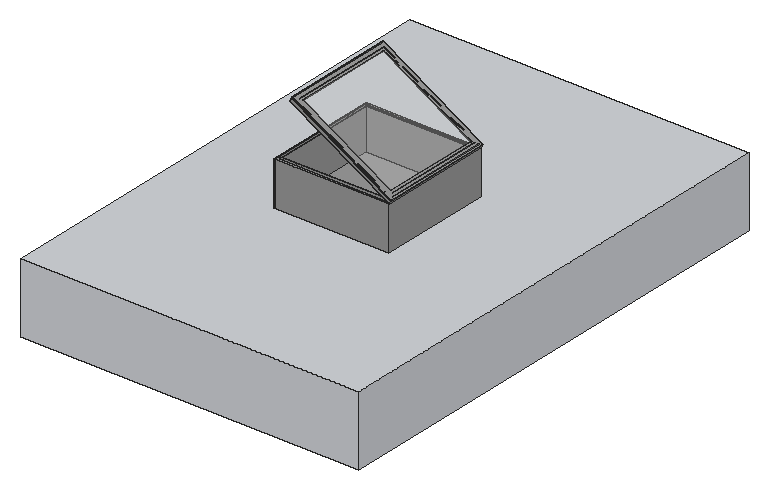
Revit family "Hager-Orion_Inox-IP66-D210-Cl.I-Inox_encl-630A-500mm-CH-fr", category Equipement électrique, Revit 2020
Family settings
  Hôte = Face
  Configuration du panneau = Deux colonnes, circuits au sein
  Cote de connecteur circulaire = Utiliser le diamètre
  Type d'élément = Tableau de raccordement
  Couper avec des vides une fois chargée = Non
  Partagée = Non
  Point de calcul de pièce = Non
Parameters (values of type "saillie IP66 L500 H500 P210  - FL023TWL")
  Width Control [instance] = if([EF000008 - largeur] > Min Width, [EF000008 - largeur], Min Width)  # 500 mm
  Commentaires du type = [HG000003 - Gamme]  # "Orion Inox"
  Thickness Door [instance] = if([EF009171 - épaisseur de matériau de la porte/du couvercle] > 3 mm, 3 mm, [EF009171 - épaisseur de matériau de la porte/du couvercle])  # 1.5 mm
  Seal Frame Offset [instance] = 17 mm  # constant formula
  Model = ""
  Min Width [instance] = 100 mm  # constant formula
  Min Height [instance] = 100 mm  # constant formula
  Min Depth [instance] = (2 * [EF009170 - épaisseur de matériau du boîtier]) + 1 mm  # 4 mm
  Internal Frame Depth [instance] = (Door System Depth * 0.5)  # 9 mm
  Height Control [instance] = if([EF000040 - hauteur] > Min Height, [EF000040 - hauteur], Min Height)  # 500 mm
  HG000027 - Hauteur du socle = 0 mm
  HG000026 - Installation au sol = no
  HG000024 - Hauteur de la section basse = 800 mm
  HG000023 - Armoire double section = no
  HG000016 - Visibilité de la porte 3D [instance] = yes
  HG000015 - Visibilité de l'emprise de la porte [instance] = no
  HG000014 - Porte à droite [instance] = yes
  HG000013 - Porte à gauche [instance] = not([HG000014 - Porte à droite])  # no
  HG000012 - Angle de pivotement de la porte [instance] = 30.00°
  HG000010 - Portes asymétriques = no
  HG000009 - Porte à double battant = no
  HG000006 - Encastré = no
  HG000004 - Référence fabricant = "FL023TWL"
  HG000003 - Gamme = "Orion Inox"
  HG000002 - avec porte = yes
  Frame Offset Bottom [instance] = 10 mm  # constant formula
  Frame Offset [instance] = 15 mm  # constant formula
  EF015940 - couvercle avec décharge de pression = no
  EF011959 - degré de protection (NEMA) = ""
  EF009554 - nombre d'ouvertures pour plaques à bride = 0
  Fabricant = "Hager"  # constant formula
  EF009212 - finition du couvercle = "EV000116 - fermé"
  EF009171 - épaisseur de matériau de la porte/du couvercle = 1.5 mm
  EF009170 - épaisseur de matériau du boîtier = 1.5 mm
  EF008873 - courant nominal (In) = 630 A
  EF007800 - adapté à un parafoudre = no
  EF006306 - avec serrure = yes
  EF006244 - couvercle/porte transparent(e) = yes
  EF005474 - indice de protection (IP) = "EV006422 - IP66"
  EF004464 - type de porte = "EV002646 - unique"
  EF004427 - nombre de modules = 0
  EF004293 - indice de protection contre les chocs (IK) = "EV006814 - IK08"
  EF003532 - convient pour utilisation à l’extérieur = yes
  EF002950 - largeur en nombre de modules = 0
  EF001613 - maintien de fonction = "EV000494 - sans"
  EF001596 - matériau du boîtier/corps = "EV000166 - acier inoxydable"
  EF001131 - profondeur intérieure = 176 mm
  EF001088 - possibilité de montage en saillie = yes
  EF000437 - nombre d'entrées de conduit = 0
  EF000339 - type de capot = "EV004216 - porte"
  EF000266 - nombre de rangées = 0
  EF000218 - profondeur d'encastrement = 0 mm
  EF000118 - avec cadre/support de montage = no
  EF000116 - numéro RAL = ""
  EF000049 - profondeur = 210 mm
  EF000040 - hauteur = 500 mm
  EF000008 - largeur = 500 mm
  EF000007 - couleur = "EV000154 - autre"
  EF000003 - mode de pose = "EV000384 - saillie"
  Door System Leaf Tolerance [instance] = 1.5 mm  # constant formula
  Door System Depth [instance] = 18 mm  # constant formula
  Depth Control [instance] = if([EF000049 - profondeur] > Min Depth, [EF000049 - profondeur], Min Depth)  # 210 mm
  Default Elevation = 0 mm
Types (8, lengths in mm): name | Width Control | HG000004 - Référence fabricant | EF009212 - finition du couvercle | EF006306 - avec serrure | EF006244 - couvercle/porte transparent(e) | EF004293 - indice de protection contre les chocs (IK) | EF001613 - maintien de fonction | EF000008 - largeur
  saillie IP66 L400 H500 P210  - FL021BW | 400 | "FL021BW" | "EV009916 - avec échancrure" | no | no | "EV008784 - IK10" | "" | 400
  saillie IP66 L400 H500 P210  - FL021BWL | 400 | "FL021BWL" | "EV009916 - avec échancrure" | no | no | "EV008784 - IK10" | "" | 400
  saillie IP66 L400 H500 P210  - FL021TW | 400 | "FL021TW" | "EV000116 - fermé" | yes | yes | "EV006814 - IK08" | "EV000494 - sans" | 400
  saillie IP66 L400 H500 P210  - FL021TWL | 400 | "FL021TWL" | "EV000116 - fermé" | yes | yes | "EV006814 - IK08" | "EV000494 - sans" | 400
  saillie IP66 L500 H500 P210  - FL023BW | 500 | "FL023BW" | "EV000116 - fermé" | yes | no | "EV008784 - IK10" | "EV000494 - sans" | 500
  saillie IP66 L500 H500 P210  - FL023BWL | 500 | "FL023BWL" | "EV000116 - fermé" | yes | no | "EV008784 - IK10" | "EV000494 - sans" | 500
  saillie IP66 L500 H500 P210  - FL023TW | 500 | "FL023TW" | "EV000116 - fermé" | yes | yes | "EV006814 - IK08" | "EV000494 - sans" | 500
  saillie IP66 L500 H500 P210  - FL023TWL | 500 | "FL023TWL" | "EV000116 - fermé" | yes | yes | "EV006814 - IK08" | "EV000494 - sans" | 500
Reference planes
  plane 1 "Center (Front/Back)": y = 0
  plane 2: z = 0
  plane 3 "Center (Left/Right)": x = 0
  plane 4: z = 210
  plane 5: y = 1.5
  plane 6: y = 250
  plane 7: y = 0
  plane 8: y = 500
  plane 9: z = 0
  plane 10: x = -235
  plane 11: x = 235
  plane 12: x = 233.5
  plane 13: x = -233.5
  plane 14: y = 498.5
  plane 15: x = -233
  plane 16: x = -250
  plane 17: x = 233
  plane 18: x = 250
  plane 19: x = 248.5
  plane 20: x = -248.5
  plane 21: y = 11.5
  plane 22: y = 500
  plane 23: y = 483.5
  plane 24: z = 192
  plane 25: z = 1.5
  plane 26: z = 190.5
  plane 27: z = 208.5
Forms (mm)
  Extrusion 1, solid
    sketch origin (0, 0, 0) x (1, 0, 0) y (0, 1, 0)
      loop
        line (-702.964, 1305) -> (-702.964, -811.445) -> (766.763, -811.445) -> (766.763, 1305) -> (-702.964, 1305)
    from 0 to -304.8
  Extrusion 2, solid, material "Hager_Stainless_Steel", detail levels medium+fine
    sketch origin (0, 0, 0) x (1, 0, 0) y (0, 1, 0)
      loop
        line (-250, 0) -> (250, 0) -> (250, 500) -> (-250, 500) -> (-250, 0)
    from 0 to 192
  Extrusion 3, solid, material "Hager_Steel_RAL 7035_Light_Grey", not visible, detail levels medium+fine
    sketch origin (0, 28.16, 50.802) x (0, 1, 0) y (0, 0, 1)
      loop
        line (273.34, -50.802) -> (273.34, 147.698)
        arc (273.34, 147.698) -> (270.411, 154.769) -> (263.34, 157.698) r 10
        line (263.34, 157.698) -> (233.34, 157.698) -> (233.34, -50.802) -> (273.34, -50.802)
    from -248.5 to 248.5
  Extrusion 4, void
    sketch origin (0, 0, 0) x (1, 0, 0) y (0, 1, 0)
      loop
        line (-248.5, 1.5) -> (248.5, 1.5) -> (248.5, 498.5) -> (-248.5, 498.5) -> (-248.5, 1.5)
    from 1.5 to 190.5
  Extrusion 5, void
    sketch origin (-381.607, -4572, 192) x (0, -1, 0) y (-1, 0, 0)
      loop
        line (-4583.5, -148.107) -> (-5055.5, -148.107) -> (-5055.5, -615.107) -> (-4583.5, -615.107) -> (-4583.5, -148.107)
    from 0 to 1.5 <- "EF009170 - épaisseur de matériau du boîtier"
  Extrusion 6, solid, material "Hager_Stainless_Steel", detail levels fine
    sketch origin (-381.607, -4572, 192) x (-1, 0, 0) y (0, -1, 0)
      loop
        line (-148.107, -4583.5) -> (-615.107, -4583.5) -> (-615.107, -5055.5) -> (-148.107, -5055.5) -> (-148.107, -4583.5)
      loop
        line (-147.107, -4582) -> (-616.107, -4582) -> (-616.107, -5057) -> (-147.107, -5057) -> (-147.107, -4582)
    from 0 to 9 <- "Internal Frame Depth"
  Extrusion 7, solid, material "Hager_Stainless_Steel", detail levels coarse
    sketch origin (0, 0, 0) x (1, 0, 0) y (0, 1, 0)
      loop
        line (-250, 0) -> (250, 0) -> (250, 500) -> (-250, 500) -> (-250, 0)
    from 0 to 210
Cuts and joins
  Extrusion 4, Extrusion 5 cuts Extrusion 2
Lines and regions (mm)
  Masking region 1
    outline origin (0, 0, 0) x (1, 0, 0) y (0, 0, 1)
      loop
        line (-250, 210) -> (-250, 0) -> (250, 0) -> (250, 210) -> (-250, 210)
  Masking region 2, detail levels medium+fine
    outline origin (0, 140, 0) x (0, 1, 0) y (0, 0, 1)
      loop
        line (-140, 0) -> (360, 0) -> (360, 192) -> (-140, 192) -> (-140, 0)
  Masking region 3, not visible, detail levels medium+fine
    outline origin (0, 297.922, 0) x (0, 1, 0) y (0, 0, 1)
      loop
        line (-36.422, 0) -> (3.578, 0) -> (3.578, 198.5)
        arc (3.578, 198.5) -> (0.649, 205.571) -> (-6.422, 208.5) r 10
        line (-6.422, 208.5) -> (-36.422, 208.5) -> (-36.422, 0)
  Masking region 4, detail levels coarse
    outline origin (0, 0, 180) x (0, 1, 0) y (0, 0, 1)
      loop
        line (0, -180) -> (500, -180) -> (500, 30) -> (0, 30) -> (0, -180)
  Masking region 5
    outline origin (-381.607, -4572, 192) x (-1, 0, 0) y (0, -1, 0)
      loop
        line (-131.607, -5072) -> (-131.607, -4572) -> (-631.607, -4572) -> (-631.607, -5072) -> (-131.607, -5072)
Dimensions and locks
  "Depth Control": plane 4 to Extrusion 1
  "EF009170 - épaisseur de matériau du boîtier": plane 5 to plane 7
  locked: connector elem to plane 3 "Center (Left/Right)"
  equal spacing: plane 8, plane 6, plane 7
  locked: connector elem to plane 6
  "EF009170 - épaisseur de matériau du boîtier": plane 8 to plane 14
  "EF009170 - épaisseur de matériau du boîtier": plane 10 to plane 13
  "EF009170 - épaisseur de matériau du boîtier": plane 12 to plane 11
  "Frame Offset": plane 20 to plane 13
  "Frame Offset": plane 12 to plane 19
  "EF009170 - épaisseur de matériau du boîtier": plane 16 to plane 20
  "EF009170 - épaisseur de matériau du boîtier": plane 19 to plane 18
  "Seal Frame Offset": plane 16 to plane 15
  "Seal Frame Offset": plane 17 to plane 18
  "Frame Offset Bottom": plane 21 to plane 5
  "Frame Offset": plane 14 to plane 23
  equal spacing: plane 16, plane 3 "Center (Left/Right)", plane 18
  "Width Control": plane 16 to plane 18
  "EF009170 - épaisseur de matériau du boîtier": plane 4 to plane 27
  "EF009170 - épaisseur de matériau du boîtier": plane 24 to plane 26
  "EF009170 - épaisseur de matériau du boîtier": plane 25 to level
  "Door System Depth": plane 4 to plane 24
  "Height Control": plane 1 "Center (Front/Back)" to Extrusion 7 sketch curve
  "Height Control": Masking region 4 sketch curve to plane 1 "Center (Front/Back)"
  "Thickness Door": Extrusion 6 sketch curve to plane 15
  "Thickness Door": plane 21 to Extrusion 6 sketch curve
  "Thickness Door": plane 17 to Extrusion 6 sketch curve
  "Thickness Door": Extrusion 6 sketch curve to plane 23
  "Height Control": plane 1 "Center (Front/Back)" to plane 22
  radius of Masking region 3 sketch curve = 10 mm
  radius of Extrusion 3 sketch curve = 10 mm
  aligned and locked: plane 2 to Extrusion 1
  aligned and locked: level to Extrusion 1
  aligned and locked: level to Masking region 1 sketch curve
  aligned and locked: Masking region 1 sketch curve to plane 18
  aligned and locked: Masking region 1 sketch curve to plane 16
  aligned and locked: plane 7 to Masking region 2 sketch curve
  aligned and locked: level to Masking region 3 sketch curve
  aligned and locked: Masking region 3 sketch curve to plane 27
  aligned and locked: level to Masking region 2 sketch curve
  aligned and locked: Extrusion 2 sketch curve to plane 7
  aligned and locked: plane 16 to Extrusion 2 sketch curve
  aligned and locked: plane 18 to Extrusion 2 sketch curve
  aligned and locked: Extrusion 3 sketch curve to level
  aligned and locked: plane 27 to Extrusion 3 sketch curve
  aligned and locked: plane 20 to Extrusion 3
  aligned and locked: plane 19 to Extrusion 3
  aligned and locked: plane 20 to Extrusion 4 sketch curve
  aligned and locked: plane 19 to Extrusion 4 sketch curve
  aligned and locked: Extrusion 4 sketch curve to plane 5
  aligned and locked: Extrusion 4 to plane 25
  aligned and locked: plane 26 to Extrusion 4
  aligned and locked: plane 24 to Extrusion 2
  aligned and locked: Extrusion 5 sketch curve to plane 21
  aligned and locked: Extrusion 5 sketch curve to plane 13
  aligned and locked: Extrusion 5 sketch curve to plane 12
  aligned and locked: plane 18 to Extrusion 7 sketch curve
  aligned and locked: plane 1 "Center (Front/Back)" to Extrusion 7 sketch curve
  aligned and locked: plane 16 to Extrusion 7 sketch curve
  aligned and locked: plane 4 to Extrusion 7
  aligned and locked: Extrusion 7 to level
  aligned and locked: level to Masking region 4 sketch curve
  aligned and locked: Masking region 4 sketch curve to plane 1 "Center (Front/Back)"
  aligned and locked: Masking region 4 sketch curve to plane 4
  aligned and locked: nested 1 to level
  aligned and locked: nested 1 to plane 16
  aligned and locked: plane 8 to Extrusion 2 sketch curve
  aligned and locked: plane 23 to Extrusion 5 sketch curve
  aligned and locked: plane 14 to Extrusion 4 sketch curve
  aligned and locked: Extrusion 6 sketch curve to plane 21
  aligned and locked: plane 13 to Extrusion 6 sketch curve
  aligned and locked: plane 23 to Extrusion 6 sketch curve
  aligned and locked: plane 12 to Extrusion 6 sketch curve
  aligned and locked: Masking region 2 sketch curve to plane 8
  aligned and locked: Masking region 2 sketch curve to plane 24
  aligned and locked: nested 2 to plane 3 "Center (Left/Right)"
  aligned and locked: nested 2 to plane 24
  aligned and locked: Masking region 5 sketch curve to plane 1 "Center (Front/Back)"
  aligned and locked: Masking region 5 sketch curve to plane 18
  aligned and locked: Masking region 5 sketch curve to plane 22
  aligned and locked: Masking region 5 sketch curve to plane 16
  aligned and locked: plane 8 to plane 22
  aligned and locked: plane 7 to plane 1 "Center (Front/Back)"
  aligned and locked: nested 2 to plane 1 "Center (Front/Back)"
Automatic sketch dimensions
  Extrusion 1 sketch curve to Extrusion 1 sketch curve = 1469.727 mm
  Extrusion 1 sketch curve to Extrusion 1 sketch curve = 2116.445 mm
  plane 6 to Masking region 3 sketch curve = 11.5 mm
  Masking region 3 sketch curve to Masking region 3 sketch curve = 30 mm
  plane 6 to Extrusion 3 sketch curve = 11.5 mm
  Extrusion 3 sketch curve to Extrusion 3 sketch curve = 30 mm
  Masking region 1 sketch curve to plane 4 = 0 mm
Nested families
  nested 1: "Hager_Enclosure_Symbol" at (-250, 0, 0) x (1, 0, 0) z (0, -1, 0), Height <- "Depth Control", Width <- "Width Control", type "Hager_Enclosure_Symbol"
    with Width_Ctrl 500 mm, Width 500 mm, Height_Ctrl 210 mm, Height 210 mm, A_Width_Int 13.781 mm, A_Width 165.375 mm, A_Height_Ctrl 183.75 mm, A_Height 183.75 mm
  nested 2: "EC000058_OrionInox_Door" at (0, 500, 192) x (1, 0, 0) z (0, -1, 0), Leaf_Tolerance <- "Door System Leaf Tolerance", Angle <- "HG000012 - Angle de pivotement de la porte", Door_Depth <- "Door System Depth", Door_Left <- "HG000013 - Porte à gauche", Transparent <- "EF006244 - couvercle/porte transparent(e)", Assymetrical <- "HG000010 - Portes asymétriques", Width <- "Width Control", Clearance <- "HG000015 - Visibilité de l'emprise de la porte", Double <- "HG000009 - Porte à double battant", 3d_Door <- "HG000016 - Visibilité de la porte 3D", Width_Ctrl <- "Width Control", Door_Right <- "HG000014 - Porte à droite", Door <- "HG000002 - avec porte", Height <- "Height Control", Thickness <- "Thickness Door", type "EC000058_OrionInox_Door", detail levels medium+fine
    with min_wh 4 mm, Width_Ctrl 500 mm, Width 500 mm, Transparent yes, Thickness 1.5 mm, Seal_Material Hager_Rubber, Leaf_Width 500 mm, Leaf_Tolerance_External_Sides 0 mm, Leaf_Tolerance 1.5 mm, Leaf_Offset 0 mm, Leaf_Height 497 mm, Leaf_2_Width 500 mm, Leaf_2_Offset 250 mm, Leaf_1_Width 500 mm, Leaf_1_Offset 250 mm, Height_Ctrl 500 mm, Height 500 mm, Glass_Material Hager_Glass, Double_Clearance_Ctrl no, Double no, Door_Right_Ctrl yes, Door_Right yes, Door_Material Hager_Stainless_Steel, Door_Left_Ctrl no, Door_Left no, Door_Depth 18 mm, Door yes, Clearance_Material Hager_Clearance, Clearance_Depth 500 mm, Clearance_Ctrl no, Clearance no, Assymetrical no, Angle 30.00°, 3d_Door yes
Connectors
  electrical at (0, 250, 0)
    settings: on plane 9, index 1, voltage 0 V, apparent load 0 VA, apparent load phase1 0 VA, apparent load phase2 0 VA, apparent load phase3 0 VA, power factor 1, load classification "Other", number of poles 1, system type 30, power factor state 1, is connector primary yes, connector utility no, sub classification motor no, connector description ""
Definition of nested family "EC000058_OrionInox_Door"
  Parameters (values of type "EC000058_OrionInox_Door")
    min_wh [instance] = (2 * Thickness) + 1 mm  # 11 mm
    Width_Ctrl [instance] = 400 mm
    Width [instance] = 500 mm
    Transparent [instance] = yes
    Thickness [instance] = 5 mm
    Seal_Material [instance] = none
    Leaf_Width [instance] = if((Width_Ctrl - 2 * Leaf_Tolerance_External_Sides) > 0 mm, (Width_Ctrl - 2 * Leaf_Tolerance_External_Sides), min_wh)  # 400 mm
    Leaf_Tolerance_External_Sides [instance] = 0 mm  # constant formula
    Leaf_Tolerance [instance] = 1.5 mm
    Leaf_Offset [instance] = 0 mm  # constant formula
    Leaf_Height [instance] = if((Height_Ctrl - 2 * Leaf_Tolerance) > 0 mm, (Height_Ctrl - 2 * Leaf_Tolerance), min_wh)  # 497 mm
    Leaf_2_Width [instance] = if(and(and(Double, Assymetrical), Door_Left), (Leaf_Width / 3) - (Leaf_Tolerance / 2), if(and(and(Double, Assymetrical), Door_Right), (Leaf_Width / 3) * 2 - (Leaf_Tolerance / 2), if(and(Double, not(Assymetrical)), (Leaf_Width / 2) - Leaf_Tolerance, Leaf_Width)))  # 400 mm
    Leaf_2_Offset [instance] = if(and(Double, Assymetrical), Leaf_2_Width / 2, if(and(Double, not(Assymetrical)), Leaf_Width / 4, Leaf_Width / 2))  # 200 mm
    Leaf_1_Width [instance] = if(and(and(Double, Assymetrical), Door_Right), (Leaf_Width / 3) - (Leaf_Tolerance / 2), if(and(and(Double, Assymetrical), Door_Left), (Width / 3) * 2 - (Leaf_Tolerance / 2), if(and(Double, not(Assymetrical)), (Leaf_Width / 2) - Leaf_Tolerance, Leaf_Width)))  # 400 mm
    Leaf_1_Offset [instance] = if(and(Double, Assymetrical), Leaf_1_Width / 2, if(and(Double, not(Assymetrical)), Leaf_Width / 4, Leaf_Width / 2))  # 200 mm
    Height_Ctrl [instance] = if(Height > min_wh, Height, min_wh)  # 500 mm
    Height [instance] = 500 mm
    Glass_Material [instance] = none
    Double_Clearance_Ctrl [instance] = and(Double, Clearance)  # no
    Double [instance] = no
    Door_Right_Ctrl [instance] = and(or(Door_Right, Double), Door)  # yes
    Door_Right [instance] = yes
    Door_Material [instance] = none
    Door_Left_Ctrl [instance] = and(or(Door_Left, Double), Door)  # no
    Door_Left [instance] = no
    Door_Depth [instance] = 30 mm
    Door [instance] = yes
    Default Elevation = 1219.2 mm
    Clearance_Material [instance] = none
    Clearance_Depth [instance] = if(Leaf_1_Width > Leaf_2_Width, Leaf_1_Width, Leaf_2_Width)  # 400 mm
    Clearance_Ctrl [instance] = and(not(Double), Clearance)  # yes
    Clearance [instance] = yes
    Assymetrical [instance] = yes
    Angle [instance] = 30.00°
    3d_Door [instance] = yes
  Reference planes
    plane 1 "Center (Front/Back)": y = 0
    plane 2 "Bottom": z = 0
    plane 3 "Center (Left/Right)": x = 0
    plane 4: z = 500
    plane 5: x = -200
    plane 6: x = 200
    plane 7: z = 500
    plane 8: x = -200
    plane 9: z = 0
    plane 10: x = 200
    plane 11: y = 0
    plane 12: z = 1.5
    plane 13: x = -600
    plane 14: y = -400
    plane 15: x = 600
    plane 16: x = 0
    plane 17: x = 0
    plane 18: x = -200
    plane 19: x = 200
    plane 20: z = 498.5
  Forms (mm)
    Extrusion 1, solid, material <- "Clearance_Material", visible <- "Double_Clearance_Ctrl"
      sketch origin (1200, 0, 0) x (1, 0, 0) y (0, 0, -1)
        loop
          line (-1800, -498.5) -> (-600, -498.5) -> (-600, 0) -> (-1800, 0) -> (-1800, -498.5)
      from 0 to -400
  Dimensions and locks
    equal spacing: plane 5, plane 3 "Center (Left/Right)", plane 6
    "Width_Ctrl": plane 5 to plane 6
    "Leaf_Offset": plane 5 to plane 8
    "Leaf_Offset": plane 6 to plane 10
    "Leaf_Offset": plane 9 to level
    "Leaf_Offset": plane 4 to plane 7
    "Height_Ctrl": plane 4 to level
    "Leaf_Tolerance": plane 12 to plane 9
    locked: plane 11 to plane 1 "Center (Front/Back)"
    "Leaf_1_Offset": plane 18 to plane 16
    "Leaf_2_Offset": plane 17 to plane 19
    "Leaf_1_Width": plane 13 to plane 8
    "Leaf_2_Width": plane 10 to plane 15
    "Clearance_Depth": plane 14 to plane 1 "Center (Front/Back)"
    "Leaf_Tolerance_External_Sides": plane 8 to plane 18
    "Leaf_Tolerance_External_Sides": plane 19 to plane 10
    "Leaf_Tolerance": plane 7 to plane 20
    aligned and locked: level to plane 2 "Bottom"
    aligned and locked: nested 1 to plane 16
    aligned and locked: nested 2 to plane 17
    aligned and locked: Extrusion 1 to plane 13
    aligned and locked: plane 15 to Extrusion 1
    aligned and locked: Extrusion 1 to plane 14
    aligned and locked: plane 12 to nested 1
    aligned and locked: nested 2 to plane 12
    aligned and locked: Extrusion 1 to plane 11
    aligned and locked: plane 20 to Extrusion 1
    aligned and locked: nested 2 to plane 11
    aligned and locked: nested 1 to plane 11
  Automatic sketch dimensions
    Extrusion 1 sketch curve to level = 0 mm
    plane 5 to Extrusion 1 sketch curve = 400 mm
    plane 6 to Extrusion 1 sketch curve = 400 mm
    Extrusion 1 sketch curve to plane 4 = 1.5 mm
  Nested families
    nested 1: "EC000058_OrionInox_Door_Leaf" at (0, 0, 1.5), Width <- "Leaf_1_Width", visible <- "Door_Left_Ctrl", Leaf_Height <- "Leaf_Height", Angle <- "Angle", 3d_Door <- "3d_Door", Transparent <- "Transparent", Clearance Material <- "Clearance_Material", Clearance <- "Clearance_Ctrl", Door_Material <- "Door_Material", Glass_Material <- "Glass_Material", Door_Depth <- "Door_Depth", Seal_Material <- "Seal_Material", Thickness <- "Thickness", type "EC000058_OrionInox_Door_Leaf"
      with Width 400 mm, Transparent_Ctrl yes, Transparent yes, Thickness 5 mm, Standard no, Seal_Material none, Seal_D2 8 mm, Seal_D1 1 mm, Offset_Internal_Frame 10 mm, Lock_Width 28 mm, Lock_Thickness 2 mm, Lock_Radius 6 mm, Leaf_Height 497 mm, Internal_Seal_Thickness 8 mm, Internal_Seal_Depth_2 4.5 mm, Internal_Frame_Depth 25 mm, Glass_Thickness -1 mm, Glass_Offset -2 mm, Glass_Material none, Door_Material none, Door_Depth 30 mm, Clearance Material none, Clearance yes, Angle_Ctrl 30.00°, Angle 30.00°, 3d_Door yes
    nested 2: "EC000058_OrionInox_Door_Leaf" at (0, 0, 1.5) x (-1, 0, 0) z (0, 0, 1), Width <- "Leaf_2_Width", visible <- "Door_Right_Ctrl", Leaf_Height <- "Leaf_Height", Angle <- "Angle", 3d_Door <- "3d_Door", Transparent <- "Transparent", Clearance Material <- "Clearance_Material", Clearance <- "Clearance_Ctrl", Door_Material <- "Door_Material", Glass_Material <- "Glass_Material", Door_Depth <- "Door_Depth", Seal_Material <- "Seal_Material", Thickness <- "Thickness", type "EC000058_OrionInox_Door_Leaf"
      with Width 400 mm, Transparent_Ctrl yes, Transparent yes, Thickness 5 mm, Standard no, Seal_Material none, Seal_D2 8 mm, Seal_D1 1 mm, Offset_Internal_Frame 10 mm, Lock_Width 28 mm, Lock_Thickness 2 mm, Lock_Radius 6 mm, Leaf_Height 497 mm, Internal_Seal_Thickness 8 mm, Internal_Seal_Depth_2 4.5 mm, Internal_Frame_Depth 25 mm, Glass_Thickness -1 mm, Glass_Offset -2 mm, Glass_Material none, Door_Material none, Door_Depth 30 mm, Clearance Material none, Clearance yes, Angle_Ctrl 30.00°, Angle 30.00°, 3d_Door yes
  Definition of nested family "EC000058_OrionInox_Door_Leaf"
    Parameters (values of type "EC000058_OrionInox_Door_Leaf")
      Width [instance] = 450 mm
      Transparent_Ctrl [instance] = and(Transparent, [3d_Door])  # yes
      Transparent [instance] = yes
      Thickness [instance] = 5 mm
      Standard [instance] = and(not(Transparent), [3d_Door])  # no
      Seal_Material [instance] = none
      Seal_D2 [instance] = 8 mm  # constant formula
      Seal_D1 [instance] = 1 mm  # constant formula
      Offset_Internal_Frame [instance] = 10 mm  # constant formula
      Lock_Width [instance] = Door_Depth - Lock_Thickness  # 28 mm
      Lock_Thickness [instance] = 2 mm  # constant formula
      Lock_Radius [instance] = 6 mm  # constant formula
      Leaf_Height [instance] = 450 mm
      Internal_Seal_Thickness [instance] = 8 mm  # constant formula
      Internal_Seal_Depth_2 [instance] = 4.5 mm  # constant formula
      Internal_Frame_Depth [instance] = if(Door_Depth - Thickness > 5 mm, Door_Depth - Thickness, 5 mm)  # 25 mm
      Glass_Thickness [instance] = if(Thickness > 15 mm, Glass_Offset + 10 mm, -1 mm)  # -1 mm
      Glass_Offset [instance] = if(Thickness > 15 mm, -(Thickness + 10 mm) / 2, -2 mm)  # -2 mm
      Glass_Material [instance] = none
      Door_Material [instance] = none
      Door_Depth [instance] = 30 mm
      Default Elevation = 0 mm
      Clearance Material [instance] = none
      Clearance [instance] = yes
      Angle_Ctrl [instance] = if(Angle > 180.00°, 180.00°, Angle)  # 90.00°
      Angle [instance] = 90.00°
      3d_Door [instance] = yes
    Reference planes
      plane 1 "Center (Front/Back)": y = 0
      plane 2: z = 0
      plane 3 "Center (Left/Right)": x = 0
      plane 4: y = 450
      plane 5: x = -225
      plane 6: x = 225
      plane 7: x = -675
      plane 8: z = 450
      plane 9: z = 30
      plane 10: z = 420
      plane 11: x = 195
      plane 12: x = -195
      plane 13: y = -3
      plane 14: z = 107.833
      plane 15: y = -5
      plane 16: y = -223.314
      plane 17: x = -225
      plane 18: y = 30
    Forms (mm)
      Extrusion 1, solid, material <- "Clearance Material", visible <- "Clearance"
        sketch origin (0, 0, 0) x (1, 0, 0) y (0, 0, 1)
          loop
            line (-675, 450) -> (-675, 0) -> (225, 0) -> (225, 450) -> (-675, 450)
        from 0 to -450
      Extrusion 2, solid, material <- "Door_Material", visible <- "Standard", detail levels medium+fine
        sketch origin (-225, 0, 0) x (0, 1, 0) y (-1, 0, 0)
          loop
            line (0, 30) -> (0, 25) -> (450, 25) -> (450, 30) -> (0, 30)
        from 0 to 450 <- "Leaf_Height"
      Extrusion 3, solid, material <- "Door_Material", visible <- "Transparent_Ctrl", detail levels medium+fine
        sketch origin (-225, 0, 0) x (0, 1, 0) y (-1, 0, 0)
          loop
            line (0, 25) -> (450, 25) -> (450, 30) -> (0, 30) -> (0, 25)
        from 0 to 450 <- "Leaf_Height"
      Extrusion 4, void
        sketch origin (-250, 450, 0) x (0, 1, 0) y (0, 0, -1)
          loop
            line (-30, -420) -> (-30, -30) -> (-420, -30) -> (-420, -420) -> (-30, -420)
        from 0 to 5 <- "Thickness"
      Sweep 5, solid, material <- "Seal_Material", visible <- "Transparent_Ctrl", detail levels fine
        path in 3D
          loop
            line (-250, 30, 30) -> (-250, 30, 420) -> (-250, 420, 420) -> (-250, 420, 30) -> (-250, 30, 30)
        profile origin (-250, 225, 30) x (1, 0, 0) y (0, 0, 1)
          loop
            line (0, 0) -> (0, -8) -> (1, -8) -> (1, 0) -> (0, 0)
      Extrusion 6, solid, material <- "Glass_Material", visible <- "Transparent_Ctrl", detail levels medium+fine
        sketch origin (-255, 0, 0) x (0, 1, 0) y (0, 0, -1)
          loop
            line (420, -420) -> (420, -30) -> (30, -30) -> (30, -420) -> (420, -420)
        from -2 <- "Glass_Offset" to -1 <- "Glass_Thickness"
      Extrusion 7, solid, material <- "Door_Material", visible <- "3d_Door", detail levels medium+fine
        sketch origin (-250, 450, 0) x (0, -1, 0) y (0, 0, -1)
          loop
            line (0, -450) -> (450, -450) -> (450, 0) -> (0, 0) -> (0, -450)
          loop
            line (445, -5) -> (5, -5) -> (5, -445) -> (445, -445) -> (445, -5)
        from 0 to 25 <- "Internal_Frame_Depth"
      Sweep 8, solid, material <- "Seal_Material", visible <- "Transparent_Ctrl", detail levels fine
        path in 3D
          loop
            line (-250, 0, 0) -> (-250, 450, 0) -> (-250, 450, 450) -> (-250, 0, 450) -> (-250, 0, 0)
        profile origin (-250, 0, 225) x (1, 0, 0) y (0, 1, 0)
          loop
            line (0, 10) -> (2.975, 10)
            arc (2.975, 10) -> (4.053, 10.447) -> (4.5, 11.525) r 1.525
            line (4.5, 11.525) -> (4.5, 16.527)
            arc (4.5, 16.527) -> (4.069, 17.569) -> (3.027, 18) r 1.473
            line (3.027, 18) -> (0, 18) -> (0, 10)
    Cuts and joins
      Extrusion 4 cuts Extrusion 3
    Lines and regions (mm)
      Masking region 1, detail levels medium+fine
        outline origin (0, 0, 0) x (0, 1, 0) y (0, 0, 1)
          loop
            line (0, 0) -> (30, 0) -> (30, 450) -> (0, 450) -> (0, 0)
      Masking region 2, detail levels medium+fine
        outline origin (0, 0, 0) x (1, 0, 0) y (0, 0, 1)
          loop
            line (-225, 450) -> (-225, 0) -> (225, 0) -> (225, 450) -> (-225, 450)
      symbolic lines
        curve 1: line (225, 0, 0) -> (-675, 0, 0)
        curve 2: arc (225, 0, 0) -> (-225, 450, 0) -> (-675, 0, 0) r 450
        curve 4: line (-255, 0, 0) -> (-255, 450, 0)
      reference lines
        curve 3: line (-225, 0, 0) -> (-225, 450, 0)
      symbolic lines, detail levels medium+fine
        curve 5: line (-255, 450, 0) -> (-250, 450, 0)
        curve 7: line (-250, 0, 0) -> (-255, 0, 0)
        curve 8: line (-250, 0, 0) -> (-225, 0, 0)
        curve 9: line (-225, 0, 0) -> (-225, 450, 0)
        curve 10: line (-225, 450, 0) -> (-250, 450, 0)
      symbolic lines, detail levels fine
        curve 6: line (-250, 450, 0) -> (-250, 0, 0)
      sketch lines
        curve 11: line (-250, 0, 450) -> (-250, 0, 0)
        curve 12: line (-250, 450, 0) -> (-250, 0, 0)
        curve 13: line (-250, 450, 450) -> (-250, 450, 0)
        curve 14: line (-250, 0, 450) -> (-250, 450, 450)
        curve 15: line (-250, 420, 30) -> (-250, 30, 30)
        curve 16: line (-250, 30, 30) -> (-250, 30, 420)
        curve 17: line (-250, 420, 420) -> (-250, 420, 30)
        curve 18: line (-250, 30, 420) -> (-250, 420, 420)
      symbolic lines, visible <- "Transparent", detail levels medium+fine
        curve 19: line (-195, 0, 420) -> (195, 0, 420)
        curve 20: line (-195, 0, 30) -> (-195, 0, 420)
        curve 21: line (195, 0, 30) -> (-195, 0, 30)
        curve 22: line (195, 0, 420) -> (195, 0, 30)
    Dimensions and locks
      "Width": plane 1 "Center (Front/Back)" to plane 4
      equal spacing: plane 5, plane 3 "Center (Left/Right)", plane 6
      "Width": plane 5 to plane 6
      "Width": plane 7 to plane 5
      "Leaf_Height": plane 8 to level
      "Width": curve 5 to curve 3
      "Width": curve 3 to curve 3
      plane 8 to plane 10 = 30 mm
      plane 9 to level = 30 mm
      plane 12 to plane 5 = 30 mm
      plane 6 to plane 11 = 30 mm
      Extrusion 4 sketch curve to Extrusion 3 = 30 mm
      Extrusion 3 to Extrusion 4 sketch curve = 30 mm
      Extrusion 1 to Extrusion 4 sketch curve = 30 mm
      curve 3 to Extrusion 4 sketch curve = 30 mm
      Extrusion 4 sketch curve to cut or joined group of Extrusion 3, Extrusion 4 = 30 mm
      cut or joined group of Extrusion 3, Extrusion 4 to Extrusion 6 sketch curve = 30 mm
      cut or joined group of Extrusion 3, Extrusion 4 to Extrusion 4 sketch curve = 30 mm
      "Thickness": curve 6 to curve 4
      "Thickness": Extrusion 7 sketch curve to Extrusion 7 sketch curve  (x4)
      "Door_Depth": curve 4 to curve 3
      "Offset_Internal_Frame": profile plane to Sweep 8 sketch curve
      "Internal_Seal_Thickness": Sweep 8 sketch curve to Sweep 8 sketch curve
      "Internal_Seal_Depth_2": profile plane to Sweep 8 sketch curve
      "Seal_D1": profile plane to Sweep 5 sketch curve
      "Seal_D2": profile plane to Sweep 5 sketch curve
      "Thickness": Extrusion 2 sketch curve to Extrusion 2 sketch curve
      "Door_Depth": plane 18 to plane 1 "Center (Front/Back)"
      radius of Sweep 8 sketch curve = 1.525 mm
      radius of Sweep 8 sketch curve = 1.473 mm
      "Angle_Ctrl": angle plane 1 "Center (Front/Back)" to curve 3
      aligned and locked: level to plane 2
      aligned and locked: Extrusion 1 to curve 1
      aligned and locked: plane 6 to Extrusion 1
      aligned and locked: plane 1 "Center (Front/Back)" to Extrusion 1
      aligned and locked: plane 4 to Extrusion 1
      aligned and locked: plane 8 to Extrusion 1
      aligned and locked: curve 7 to Extrusion 2 sketch curve
      aligned and locked: curve 5 to Extrusion 2 sketch curve
      aligned and locked: curve 7 to Extrusion 3 sketch curve
      aligned and locked: Extrusion 3 sketch curve to curve 4
      aligned and locked: Extrusion 3 sketch curve to curve 6
      aligned and locked: Extrusion 3 sketch curve to curve 5
      aligned and locked: curve 9 to curve 3
      aligned and locked: Extrusion 7 sketch curve to cut or joined group of Extrusion 3, Extrusion 4  (x4)
      aligned and locked: plane 17 to curve 3
      aligned and locked: plane 1 "Center (Front/Back)" to curve 3
      aligned and locked: plane 17 to plane 5
      aligned and locked: Sweep 8 sketch curve to profile plane
      aligned and locked: Sweep 5 sketch curve to profile plane  (x2)
      aligned and locked: plane 1 "Center (Front/Back)" to Masking region 1 sketch curve
      aligned and locked: plane 18 to Masking region 1 sketch curve
      aligned and locked: level to Masking region 1 sketch curve
      aligned and locked: Masking region 1 sketch curve to plane 8
      aligned and locked: plane 17 to Masking region 2 sketch curve
      aligned and locked: level to Masking region 2 sketch curve
      aligned and locked: Masking region 2 sketch curve to plane 8
      aligned and locked: plane 12 to curve 20
      aligned and locked: plane 10 to curve 19
      aligned and locked: plane 11 to curve 22
      aligned and locked: plane 9 to curve 21
      aligned and locked: Extrusion 2 sketch curve to cut or joined group of Extrusion 3, Extrusion 4
    Automatic sketch dimensions
      plane 1 "Center (Front/Back)" to curve 2 = 0 mm
      curve 2 to plane 5 = 0 mm
      Extrusion 1 sketch curve to level = 0 mm
      Extrusion 1 sketch curve to plane 7 = 0 mm
      Extrusion 1 sketch curve to plane 6 = 0 mm
      Extrusion 1 sketch curve to plane 8 = 0 mm
      Extrusion 3 to Extrusion 6 sketch curve = 30 mm  (x4)
      Masking region 2 sketch curve to plane 6 = 0 mm
      curve 4 to curve 3 = 0 mm
Definition of nested family "Hager_Enclosure_Symbol"
  Parameters (values of type "Hager_Enclosure_Symbol")
    Width_Ctrl [instance] = if(Width > 1 mm, Width, 1 mm)  # 102.27 mm
    Width [instance] = 102.27 mm
    Height_Ctrl [instance] = if(Height > 1 mm, Height, 1 mm)  # 66.5 mm
    A_Width_Int [instance] = if(A_Width / 12 > 2 mm, A_Width / 12, 2 mm)  # 4.364 mm
    A_Width [instance] = if(A_Height_Ctrl * 0.9 > 2 mm, A_Height_Ctrl * 0.9, 2 mm)  # 52.369 mm
    A_Height_Ctrl [instance] = if(A_Height > 2 mm, A_Height, 2 mm)  # 58.188 mm
    Height [instance] = 66.5 mm
    A_Height [instance] = Height - (Height / 8)  # 58.188 mm
  Reference planes
    plane 1 "Centre (avant/arrière)": y = 0
    plane 2: z = 0
    plane 3 "Centre (gauche/droite)": x = 0
    plane 4: x = 52.369
    plane 5: y = 33.042
    plane 6: y = 41.77
    plane 7: y = 66.5
    plane 8: x = 26.184
    plane 9: y = 37.406
    plane 10: x = 102.27
    plane 11: y = 66.5
    plane 12: y = 8.313
  Lines and regions (mm)
    Filled region 1, type "Solid_Black", in view "Niveau de réf."
      outline origin (0, 0, 0) x (1, 0, 0) y (0, 1, 0)
        loop
          line (52.369, 66.5) -> (33.188, 54.536) -> (45.365, 45.006) -> (52.369, 66.5)
    Filled region 2, type "Solid_Black", in view "Niveau de réf."
      outline origin (0, 0, 0) x (1, 0, 0) y (0, 1, 0)
        loop
          line (0, 0) -> (102.27, 0) -> (102.27, 66.5) -> (0, 0)
    detail lines, in view "Niveau de réf."
      curve 1: line (0, 8.313, 0) -> (26.184, 41.77, 0)
      curve 2: line (26.184, 41.77, 0) -> (26.184, 33.042, 0)
      curve 3: line (26.184, 33.042, 0) -> (52.369, 66.5, 0)
  Dimensions and locks
    "A_Width": plane 3 "Centre (gauche/droite)" to plane 4
    equal spacing: plane 3 "Centre (gauche/droite)", plane 8, plane 4
    equal spacing: plane 6, plane 9, plane 5
    equal spacing: curve 3, Filled region 1 sketch curve, Filled region 1 sketch curve
    "Height_Ctrl": plane 1 "Centre (avant/arrière)" to plane 11
    "A_Height_Ctrl": plane 11 to plane 12
    equal spacing: plane 11, plane 9, plane 12
    "A_Width_Int": plane 6 to plane 9
    "Width_Ctrl": plane 3 "Centre (gauche/droite)" to plane 10
    angle Filled region 1 sketch curve to curve 3 = 20.00°
    angle curve 3 to Filled region 1 sketch curve = 20.00°
    locked: curve 3 to Filled region 1 sketch curve (angle 90.00°)
    aligned and locked: plane 10 to Filled region 2
    aligned and locked: plane 11 to Filled region 2 sketch curve
    aligned and locked: plane 10 to Filled region 2 sketch curve
    aligned and locked: plane 3 "Centre (gauche/droite)" to curve 1
    aligned and locked: plane 12 to curve 1
    aligned and locked: plane 7 to plane 11
  Automatic sketch dimensions
    Filled region 1 sketch curve to plane 4 = 0 mm
    Filled region 1 sketch curve to plane 7 = 0 mm
    plane 1 "Centre (avant/arrière)" to Filled region 2 sketch curve = 0 mm
    Filled region 2 sketch curve to plane 3 "Centre (gauche/droite)" = 0 mm
    curve 2 to plane 6 = 0 mm
    curve 2 to plane 8 = 0 mm
    curve 3 to plane 4 = 0 mm
    curve 2 to plane 5 = 0 mm
    curve 3 to plane 7 = 0 mm
